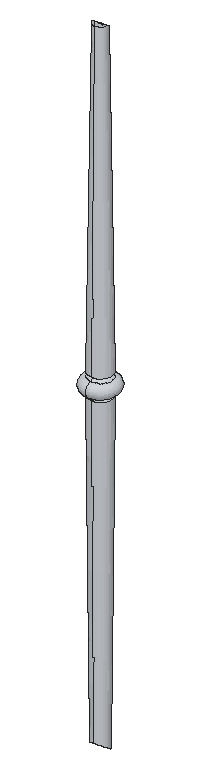
Revit family
Parameters (values of type "25mm")
  built-in parameter 1008623 [instance] = 32.47°
  built-in parameter 1008625 [instance] = (empty or 0)
  Post = no
  built-in parameter 1008624 [instance] = 32.47°
  Baluster Material = none
  built-in parameter 1008622 [instance] = 762 mm
Reference planes
  plane 1 "Center F/B": y = 0
  plane 2: z = 0
  plane 3 "Center L/R": x = 0
  plane 4 "Top": z = 762
  plane 5 "Top Angle Cut": through (0, 345.134, 542.379) normal (0, -0.5369, -0.8437)
  plane 6: z = 990.6
  plane 7: z = 381
  plane 8: z = 393.7
  plane 9: z = 368.3
  plane 10 "Bottom Angle Cut": through (0, 0, 0) normal (0, -0.5369, -0.8437)
  plane 11: z = -228.6
  plane 12: y = 50.8
  plane 13: y = -50.8
  plane 14: x = 50.8
  plane 15: x = -50.8
Forms (mm)
  Revolve 1, solid, material <- "Baluster Material"
    sketch origin (0, 0, 0) x (0, 1, 0) y (0, 0, 1)
      loop
        line (0, -228.6) -> (7.144, -228.6) -> (13.046, 368.399) -> (6.564, 368.3) -> (13.36, 373.058)
        arc (13.36, 373.058) -> (21.301, 381) -> (13.36, 388.942) r 7.942
        line (13.36, 388.942) -> (6.457, 393.775) -> (13.043, 393.775) -> (7.422, 762) -> (7.422, 990.6) -> (0, 990.6) -> (0, -228.6)
      axis (0, -228.6) -> (0, 990.6)
    angle from 0 to 360
  Extrusion 2, void
    sketch origin (0, 0, 0) x (0, 1, 0) y (0, 0, 1)
      loop
        line (-50.8, -228.6) -> (50.8, -228.6) -> (50.8, -32.326) -> (-50.8, 32.326) -> (-50.8, -228.6)
      loop
        line (50.8, 990.6) -> (-50.8, 990.6) -> (-50.8, 794.326) -> (50.8, 729.674) -> (50.8, 990.6)
    from -50.8 to 50.8
Cuts and joins
  Extrusion 2 cuts Revolve 1
Dimensions and locks
  "built-in parameter 1008622": plane 2 to plane 4 "Top"
  plane 4 "Top" to plane 6 = 228.6 mm
  equal spacing: plane 2, plane 7, plane 4 "Top"
  plane 9 to plane 7 to plane 8 = 12.7 mm, 12.7 mm
  locked: level to plane 11 at 228.6
  locked: plane 15 to plane 3 "Center L/R" at 50.8
  locked: plane 3 "Center L/R" to plane 14 at 50.8
  locked: plane 1 "Center F/B" to plane 12 at 50.8
  locked: plane 13 to plane 1 "Center F/B" at 50.8
  "built-in parameter 1008623": angle plane 4 "Top" to plane 5 "Top Angle Cut"
  "built-in parameter 1008624": angle level to plane 10 "Bottom Angle Cut"
  aligned and locked: Revolve 1 sketch curve to plane 11
  aligned and locked: Extrusion 2 sketch curve to plane 11
  aligned and locked: Extrusion 2 sketch curve to plane 12  (x2)
  aligned and locked: plane 13 to Extrusion 2 sketch curve  (x2)
  aligned and locked: Extrusion 2 sketch curve to plane 10 "Bottom Angle Cut"
  aligned and locked: Extrusion 2 to plane 14
  aligned and locked: Extrusion 2 to plane 15
  aligned and locked: Extrusion 2 sketch curve to plane 6
  aligned and locked: plane 5 "Top Angle Cut" to Extrusion 2 sketch curve
Automatic sketch dimensions
  Revolve 1 sketch curve to plane 1 "Center F/B" = 0 mm  (x2)
  Revolve 1 sketch curve to plane 9 = 0 mm
  Revolve 1 sketch curve to plane 6 = 0 mm
  Revolve 1 sketch curve to plane 4 "Top" = 0 mm
  Revolve 1 sketch curve to plane 7 = 0 mm
  Revolve 1 sketch curve to plane 8 = 0.075 mm
  Revolve 1 sketch curve to plane 9 = 0.099 mm
  Revolve 1 sketch curve to Revolve 1 sketch curve = 4.659 mm
  Revolve 1 sketch curve to Revolve 1 sketch curve = 101.6 mm
  Revolve 1 sketch curve to Revolve 1 sketch curve = 152.4 mm
  Revolve 1 sketch curve to plane 1 "Center F/B" = 6.457 mm
  Revolve 1 sketch curve to plane 1 "Center F/B" = 6.564 mm
  Revolve 1 sketch curve to Revolve 1 sketch curve = 7.144 mm
  Revolve 1 sketch curve to Revolve 1 sketch curve = 7.422 mm
  Revolve 1 sketch curve to Revolve 1 sketch curve = 6.587 mm
  Revolve 1 sketch curve to Revolve 1 sketch curve = 6.482 mm
  Revolve 1 sketch curve to Revolve 1 sketch curve = 0.314 mm
